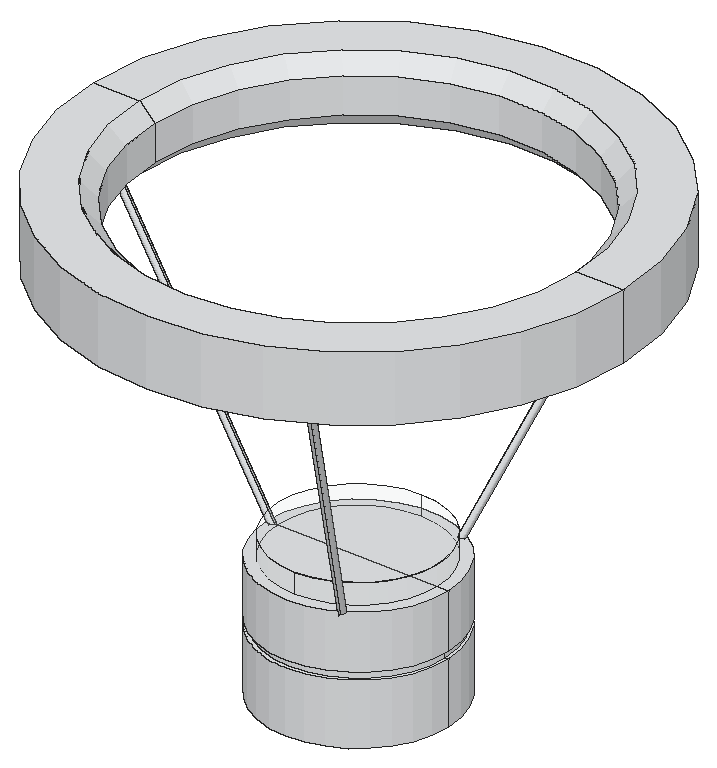
Revit family "32L-CR20-P-D", category Lighting Fixtures, host Face, Revit 2012
Parameters (values of type "ITL88488")
  Wattage = 9.2903 W
  built-in parameter 1150110 = 1 (stored number, unit not read)
  Voltage = 120 V
  URL = "http://www.litecontrol.com/"
  built-in parameter 1114217 = 1 (stored number, unit not read)
  Tilt Angle = 90.00°
  built-in parameter 1150109 = 1 (stored number, unit not read)
  built-in parameter 1150134 = 3
  built-in parameter 1150113 = 1 (stored number, unit not read)
  Product Page URL = "http://www.litecontrol.com/products/independant_32_led_cylinder_ring_pendant_direct"
  Product Documentation Link = "http://cdn.litecontrol.com/content/products/specs/specs_files/32L-CR-P-D.pdf"
  Photometric Web File = "ITL88488-GONIOPHOTOMETRY.IES"
  Model = "32L-CR20-P-D"  # constant formula
  Material = Hubbell Paint White
  Manufacturer Phone = "781-294-0100 "  # constant formula
  Manufacturer Fax = "781-293-2849"  # constant formula
  Manufacturer = "Lite Control"  # constant formula
  built-in parameter 1150105 = 109.82 (stored number, unit not read)
  Lumens = 1380 lm
  built-in parameter 1150115 = 1 (stored number, unit not read)
  built-in parameter 1150137 = (empty or 0)
  built-in parameter 1150139 = (empty or 0)
  built-in parameter 1150112 = 1 (stored number, unit not read)
  built-in parameter 1150114 = 1 (stored number, unit not read)
  Lamp = "LED"
  built-in parameter 1150132 = (empty or 0)
  built-in parameter 1150102 = (empty or 0)
  built-in parameter 1150107 = 3200 (stored number, unit not read)
  built-in parameter 1150138 = (empty or 0)
  built-in parameter 1150106 = 1.0982 (stored number, unit not read)
  Glass = Hubbell - Glass
  Emit from Circle Diameter = 0' - 6"
  Emit Shape Visible in Rendering = no
  built-in parameter 1150104 = 13.8 (stored number, unit not read)
  Dimming Lamp Color Temperature Shift = <None>
  Description = "Inde-Pendant 32 LED Cylinder & Ring Pendant Direct"  # constant formula
  Default Elevation = 4' - 0"
  Color Filter = 16777215
  built-in parameter 1114218 = 1 (stored number, unit not read)
  built-in parameter 1150133 = 10 (stored number, unit not read)
  Assembly Code = "D5020210"
  Apparent Load = 0 VA
Types (4): name | Photometric Web File
  (no name) | "ITL88488-GONIOPHOTOMETRY.IES"
  ITL88482 | "ITL88482-GONIOPHOTOMETRY.IES"
  ITL88488 | "ITL88488-GONIOPHOTOMETRY.IES"
  ITL88490 | "ITL88490-GONIOPHOTOMETRY.IES"
Reference planes (in)
  plane 1 "Center (Front/Back)": y = 0
  plane 2: z = 0
  plane 3 "Center (Left/Right)": x = 0
  plane 4: z = 0
  plane 5: y = 10
  plane 6: y = -10
  plane 7: x = -10
  plane 8: x = 10
  plane 9: z = 4.6
  plane 10: z = 14.62
  plane 11: z = 17.09
Forms (in)
  Revolve 1, solid, material "Hubbell Paint White" <- "Material"
    sketch origin (0, 0, 0) x (1, 0, 0) y (0, 0, 1)
      loop
        line (0, 4.6) -> (-3.405, 4.6) -> (-3.405, 2.57) -> (-3.26438, 2.57) -> (-3.26438, 2.3) -> (-3.405, 2.3) -> (-3.405, 0) -> (0, 0) -> (0, 4.6)
      loop
        line (-10, 14.62) -> (-8.25, 14.62) -> (-7.67862, 15.19138) -> (-7.67862, 16.51862) -> (-8.25, 17.09) -> (-10, 17.09) -> (-10, 14.62)
      axis (0, 17.09) -> (0, 0)
    angle from 0 to 360
  Extrusion 2, solid, material "Hubbell - Glass" <- "Glass"
    sketch origin (0, 0, 4.6) x (0, 1, 0) y (-1, 0, 0)
      loop
        circle (0, 0) r 3
    from 0 to 0.75843
  Revolve 3, solid, material "Hubbell Paint White" <- "Material"
    sketch origin (-15.30449, 0, -0.39608) x (0.970296, 0, -0.241922) y (0.241922, 0, 0.970296)
      loop
        line (1.96325, 16.05637) -> (10.63168, 7.38794) -> (10.72007, 7.47633) -> (2.05164, 16.14476) -> (1.96325, 16.05637)
      axis (2.05164, 16.14476) -> (10.72007, 7.47633)
    angle from 0 to 360
  Revolve 4, solid, material "Hubbell Paint White" <- "Material"
    sketch origin (7.65224, 13.25407, -0.39608) x (-0.485148, -0.840301, -0.241922) y (-0.120961, -0.209511, 0.970296)
      loop
        line (1.96325, 16.05637) -> (10.63168, 7.38794) -> (10.72007, 7.47633) -> (2.05164, 16.14476) -> (1.96325, 16.05637)
      axis (2.05164, 16.14476) -> (10.72007, 7.47633)
    angle from 0 to 360
  Revolve 5, solid, material "Hubbell Paint White" <- "Material"
    sketch origin (7.65224, -13.25407, -0.39608) x (-0.485148, 0.840301, -0.241922) y (-0.120961, 0.209511, 0.970296)
      loop
        line (1.96325, 16.05637) -> (10.63168, 7.38794) -> (10.72007, 7.47633) -> (2.05164, 16.14476) -> (1.96325, 16.05637)
      axis (2.05164, 16.14476) -> (10.72007, 7.47633)
    angle from 0 to 360
Dimensions and locks (in)
  equal spacing: plane 7, plane 3 "Center (Left/Right)", plane 8
  plane 7 to plane 8 = 1' - 8"
  equal spacing: plane 5, plane 1 "Center (Front/Back)", plane 6
  plane 5 to plane 6 = 1' - 8"
  plane 1 "Center (Front/Back)" to plane 5 = 0' - 10"
  locked: plane 9 to plane 4 at 4.6
  locked: plane 10 to plane 4 at 14.62
  locked: plane 11 to plane 10 at 2.47
  aligned and locked: plane 2 to host face
  aligned and locked: level to host face
  aligned and locked: plane 9 to Revolve 1 sketch curve
  aligned and locked: plane 11 to Revolve 1 sketch curve
  aligned and locked: Revolve 1 sketch curve to plane 10
  aligned and locked: imposter light to plane 3 "Center (Left/Right)"
  aligned and locked: imposter light to Extrusion 2
  aligned and locked: plane 1 "Center (Front/Back)" to imposter light
  aligned and locked: plane 2 to plane 4
Automatic sketch dimensions
  host sketch curve to host sketch curve = 8' - 0"  (x2)
  Revolve 1 sketch curve to plane 7 = 0' - 0"
  Revolve 1 sketch curve to plane 4 = 0' - 0"  (x2)
  Revolve 1 sketch curve to plane 3 "Center (Left/Right)" = 0' - 0"  (x2)
  plane 7 to Revolve 1 sketch curve = 0' - 1 3/4"  (x2)
  Revolve 1 sketch curve to Revolve 1 sketch curve = 0' - 0.57138"  (x2)
  Revolve 1 sketch curve to Revolve 1 sketch curve = 0' - 3.405"
  Revolve 1 sketch curve to Revolve 1 sketch curve = 0' - 0"
  Revolve 1 sketch curve to Revolve 1 sketch curve = 0' - 0 9/64"
  plane 4 to Revolve 1 sketch curve = 0' - 2.3"
  Revolve 1 sketch curve to Revolve 1 sketch curve = 0' - 0.27"
  plane 10 to Revolve 1 sketch curve = 0' - 0.57138"
  plane 10 to Revolve 1 sketch curve = 0' - 11.38"
  Revolve 3 sketch curve to Revolve 3 sketch curve = 0' - 0.08839"  (x3)
  Revolve 3 sketch curve to Revolve 3 sketch curve = 0' - 8.66843"
  Revolve 3 sketch curve to Revolve 3 sketch curve = 0' - 1.93817"  (x2)
  Revolve 3 sketch curve to Revolve 3 sketch curve = 0' - 0.17678"
  Revolve 4 sketch curve to Revolve 4 sketch curve = 0' - 0.08839"  (x3)
  Revolve 4 sketch curve to Revolve 4 sketch curve = 0' - 8.66843"
  Revolve 4 sketch curve to Revolve 4 sketch curve = 0' - 1.93817"  (x2)
  Revolve 4 sketch curve to Revolve 4 sketch curve = 0' - 0.17678"
  Revolve 5 sketch curve to Revolve 5 sketch curve = 0' - 0.08839"  (x3)
  Revolve 5 sketch curve to Revolve 5 sketch curve = 0' - 8.66843"
  Revolve 5 sketch curve to Revolve 5 sketch curve = 0' - 1.93817"  (x2)
  Revolve 5 sketch curve to Revolve 5 sketch curve = 0' - 0.17678"
  plane 10 to Revolve 3 sketch curve = 0' - 0.36706"
  plane 7 to Revolve 3 sketch curve = 0' - 0.46322"
  plane 10 to Revolve 4 sketch curve = 0' - 0.36706"
  plane 10 to Revolve 5 sketch curve = 0' - 0.36706"
  radius of Extrusion 2 sketch curve to Revolve 1 = 0' - 0.405"
Connectors (in)
  electrical at (0, 0, 0), driven by "Voltage", driven by "Apparent Load"
    settings: on Revolve 1, index 1, voltage 120 V, apparent load 0 VA, apparent load phase1 0 VA, apparent load phase2 0 VA, apparent load phase3 0 VA, power factor 1, load classification "Other", number of poles 1, system type 30, power factor state 1, is connector primary yes, connector utility no, sub classification motor no, connector description "Lighting Connector"
